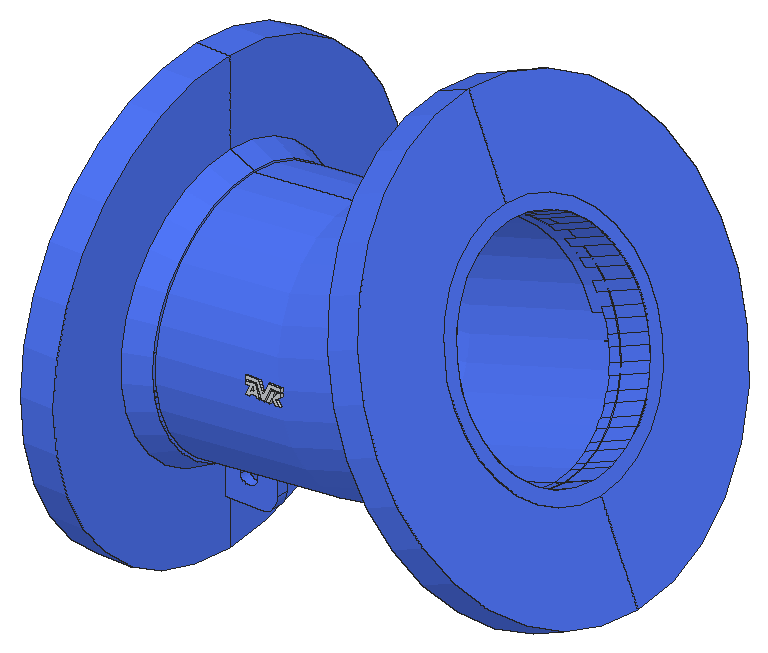
Revit family "712-0220-001-DN125", category Pipe Fittings, Revit 2019
Family settings
  Round Connector Dimension = Use Diameter
  Part Type = Elbow
  Work Plane-Based = No
  Always vertical = Yes
  Cut with Voids When Loaded = No
  Shared = No
Parameters (values of type "DN125_PN10/16")
  Rf_Dia = 92 mm
  RF_Thick = 3 mm
  L_Ref = 90 mm
  L = 105 mm  # constant formula
  ID(Radius) = [Nominal Diameter(DN)] / 2  # 62.5 mm
  Flange_thickness = 18.5 mm
  Nominal Diameter(DN) = 125 mm
  FOD = 125 mm
  URL product pages = "https://www.avkvalves.com/P.aspx?no=712004002201"
  Description_ = "AVK FLANGED BEND 22.5° W/LOOSE FLANGES"
  DN125_PN10/16 = yes
  DN 125_PN10/16 = "712-0125-02-201"
  Body_wallthickness = 15 mm + [Nominal Diameter(DN)]  # 140 mm
  A = 22.50°  # constant formula
Reference planes
  plane 1 "Center (Front/Back)": y = 0
  plane 2: z = 0
  plane 3 "Center (Left/Right)": x = 0
  plane 4: x = 105
  plane 5: through (100.964, -1524, 9.743) normal (0.9239, 0, 0.3827)
  plane 6: through (197.972, -1524, 49.925) normal (0.9239, 0, 0.3827)
  plane 7: through (105, -1524, 0) normal (-0.3827, 0, 0.9239)
  plane 8: z = -97.5
  plane 9: x = 48.5
  plane 10: z = -87.5
  plane 11: x = 38.5
Forms (mm)
  Sweep 1, solid, material "Plastic"
    path origin (0, 0, 0) x (1, 0, 0) y (0, 0, -1)
      loop
        line (0, 0) -> (25.435, 0)
        arc (25.435, 0) -> (103.471, -7.686) -> (178.508, -30.448) r 400
        line (178.508, -30.448) -> (202.007, -40.182)
    profile origin (12.718, 0, 0) x (0, 0, 1) y (0, -1, 0)
      loop
        circle (0, 0) r 62.5
      loop
        circle (0, 0) r 70
  Revolve 2, solid, material "Plastic"
    sketch origin (0, 0, 0) x (1, 0, 0) y (0, 0, -1)
      loop
        line (0, 62.5) -> (18.5, 62.5) -> (18.5, 125) -> (0, 125) -> (0, 62.5)
      axis (0, 0) -> (18.5, 0)
    angle from 0 to 360
  Revolve 3, solid, material "Plastic"
    sketch origin (0, 0, 0) x (1, 0, 0) y (0, 0, -1)
      loop
        line (225.925, 17.561) -> (249.843, 75.303) -> (232.751, 82.383) -> (208.833, 24.64) -> (225.925, 17.561)
      axis (202.007, -40.182) -> (184.916, -33.102)
    angle from 0 to 360
  Revolve 4, solid, material "Plastic"
    sketch origin (0, 0, 0) x (1, 0, 0) y (0, 0, 1)
      loop
        line (18.5, 62.5) -> (32.095, 62.5) -> (32.095, 71.161) -> (18.5, 77.5) -> (18.5, 62.5)
      axis (18.5, 0) -> (32.095, 0)
    angle from 0 to 360
  Revolve 5, solid, material "Plastic"
    sketch origin (0, 0, 0) x (1, 0, 0) y (0, 0, 1)
      loop
        line (160.998, 90.845) -> (155.258, 104.703) -> (144.651, 94.096) -> (148.195, 85.541) -> (160.998, 90.845)
      axis (172.112, 27.799) -> (184.916, 33.102)
    angle from 0 to 360
  Extrusion 6, solid, material "Plastic"
    sketch origin (0, 0, 0) x (1, 0, 0) y (0, 0, 1)
      loop
        line (18.5, -62.5) -> (18.5, -97.5) -> (38.5, -97.5)
        arc (38.5, -97.5) -> (45.571, -94.571) -> (48.5, -87.5) r 10
        line (48.5, -87.5) -> (48.5, -62.5) -> (18.5, -62.5)
      loop
        circle (32.15, -82.358) r 5
    from -2.922 to 2.922
Dimensions and locks
  "L": plane 4 to plane 3 "Center (Left/Right)"
  "L": plane 5 to plane 6
  "Flange_thickness": Revolve 2 sketch curve to plane 3 "Center (Left/Right)"
  "ID(Radius)": Revolve 3 sketch curve to plane 7
  "FOD": Revolve 3 sketch curve to plane 7
  "Flange_thickness": Revolve 3 sketch curve to Revolve 3 sketch curve
  locked: Revolve 4 sketch curve to level at 62.5
  locked: Revolve 4 sketch curve to level at 77.5
  locked: Revolve 4 sketch curve to Revolve 2 at 13.595
  locked: Revolve 4 sketch curve to level at 71.161
  locked: Revolve 3 to Revolve 5 sketch curve at 13.858
  locked: plane 7 to Revolve 5 sketch curve at 77.5
  locked: plane 7 to Revolve 5 sketch curve at 62.5
  locked: plane 7 to Revolve 5 sketch curve at 71.76
  locked: level to Extrusion 6 sketch curve at 62.5
  equal spacing: Extrusion 6, plane 1 "Center (Front/Back)", Extrusion 6
  locked: Extrusion 6 to Extrusion 6 at 5.843
  "ID(Radius)": radius of Sweep 1 sketch curve
  "Body_wallthickness": diameter of Sweep 1 sketch curve
  "A": angle plane 4 to plane 5
  aligned and locked: level to plane 2
  aligned and locked: plane 6 to Sweep 1 sketch curve
  aligned and locked: Sweep 1 sketch curve to plane 3 "Center (Left/Right)"
  aligned and locked: Revolve 2 sketch curve to Sweep 1  (x2)
  aligned and locked: Revolve 3 sketch curve to Sweep 1
  aligned and locked: plane 6 to Revolve 3 sketch curve
  aligned and locked: Revolve 3 sketch curve to plane 7
  aligned and locked: plane 3 "Center (Left/Right)" to Revolve 2
  aligned and locked: Revolve 4 sketch curve to plane 2
  aligned and locked: plane 7 to Revolve 5 sketch curve
  aligned and locked: Revolve 2 to Extrusion 6 sketch curve
  aligned and locked: plane 10 to Extrusion 6 sketch curve
  aligned and locked: plane 9 to Extrusion 6 sketch curve
  aligned and locked: plane 8 to Extrusion 6 sketch curve
  aligned and locked: plane 11 to Extrusion 6 sketch curve
Automatic sketch dimensions
  Sweep 1 sketch curve to plane 7 = 0 mm  (x2)
  Sweep 1 sketch curve to plane 3 "Center (Left/Right)" = 25.435 mm
  Sweep 1 sketch curve to Sweep 1 sketch curve = 23.499 mm
  Sweep 1 sketch curve to Sweep 1 sketch curve = 369.552 mm
  Revolve 4 sketch curve to Revolve 4 sketch curve = 13.595 mm
  plane 3 "Center (Left/Right)" to Revolve 4 sketch curve = 8.5 mm
  Revolve 4 sketch curve to Revolve 4 sketch curve = 23.595 mm
  Revolve 5 sketch curve to Revolve 5 sketch curve = 3.544 mm
  Revolve 5 sketch curve to Revolve 5 sketch curve = 10.607 mm
  level to Revolve 5 sketch curve = 27.799 mm
  level to Revolve 5 sketch curve = 37.366 mm
  Extrusion 6 sketch curve to Extrusion 6 sketch curve = 6.35 mm
  Extrusion 6 sketch curve to Extrusion 6 sketch curve = 5.142 mm
  Sweep 1 sketch curve to Sweep 1 sketch curve = 0 mm  (x2)
  Sweep 1 sketch curve to plane 1 "Center (Front/Back)" = 0 mm
  profile plane to Sweep 1 sketch curve = 0 mm
  Revolve 2 sketch curve to level = 0 mm
  level to Revolve 2 sketch curve = 62.5 mm
  Revolve 2 sketch curve to Revolve 2 sketch curve = 62.5 mm
  Revolve 2 sketch curve to plane 3 "Center (Left/Right)" = 30 mm
  Revolve 3 sketch curve to level = 24.874 mm
  radius of Extrusion 6 sketch curve = 5 mm
Nested families
  nested 1: "Latest New" at (94.523, -69.984, 7.529) x (1, -0.0037, 0.0001) z (-0.0037, -0.9998, 0.021), type "Latest New"
Connectors
  piping at (202.007, 0, 40.182), diameter 125, driven by "Nominal Diameter(DN)"
    settings: on Revolve 3, index 1, connector inside diameter 609.6 mm, connector length 0 mm, flow factor 0, pipe flow 0.0 L/s, pressure drop 0.0 Pa, fitting loss kfactor 0, connector angle 0.00°, fixture units 0, engagement length 0 mm, angle of deflection 0.00°, flow configuration 0, flow direction 0, fitting loss method 0, system type 7, joint type 0, gender type 0, connector reference index -1, connector utility 0, adjustable connector no, is connector primary yes, connector description ""
  piping at (0, 0, 0), diameter 125, driven by "Nominal Diameter(DN)"
    settings: on Revolve 2, index 2, connector inside diameter 609.6 mm, connector length 0 mm, flow factor 0, pipe flow 0.0 L/s, pressure drop 0.0 Pa, fitting loss kfactor 0, connector angle 0.00°, fixture units 0, engagement length 0 mm, angle of deflection 0.00°, flow configuration 0, flow direction 0, fitting loss method 0, system type 7, joint type 0, gender type 0, connector reference index -1, connector utility 0, adjustable connector no, is connector primary no, connector description ""
Definition of nested family "Latest New"
  Parameters
    Default Elevation = 1219.2 mm
  Reference planes
    plane 1 "Center (Front/Back)": y = 0
    plane 2: z = 0
    plane 3 "Center (Left/Right)": x = 0
  Forms (mm)
    Extrusion 1, solid
      sketch origin (0, 0, 0) x (1, 0, 0) y (0, 1, 0)
        loop
          line (-1219.2, 1219.2) -> (-1219.2, -1219.2) -> (1219.2, -1219.2) -> (1219.2, 1219.2) -> (-1219.2, 1219.2)
      from 0 to -304.8
    Extrusion 2, solid
      sketch origin (0, 0, 0) x (1, 0, 0) y (0, 1, 0)
        loop
          line (-2.683, 9.413) -> (-9.884, 9.413) -> (-9.884, 7.46) -> (-4.022, 7.46) -> (-0.985, 0) -> (0.985, 0) -> (4.022, 7.46) -> (9.884, 7.46) -> (9.884, 9.413) -> (2.683, 9.413) -> (0, 2.824) -> (-2.683, 9.413)
        loop
          line (-4.528, 6.707) -> (-9.884, 6.707) -> (-9.884, 4.824) -> (-8.032, 4.824) -> (-9.884, 0) -> (-7.792, 0) -> (-7.394, 1.035) -> (-4.328, 1.035) -> (-3.907, 0) -> (-1.798, 0) -> (-4.528, 6.707)
        loop
          line (-6.91, 2.824) -> (-5.056, 2.824) -> (-6.01, 5.167) -> (-6.91, 2.824)
        loop
          line (1.798, 0) -> (3.907, 0) -> (4.98, 2.637) -> (6.968, 0) -> (9.413, 0) -> (7.166, 2.983)
          arc (7.166, 2.983) -> (8.216, 3.774) -> (9.007, 4.824) r 4.724
          line (9.007, 4.824) -> (9.884, 4.824) -> (9.884, 6.707) -> (8.001, 6.707)
          arc (8.001, 6.707) -> (7.315, 5.008) -> (5.642, 4.261) r 2.448
          line (5.642, 4.261) -> (6.637, 6.707) -> (4.528, 6.707) -> (1.798, 0)
      from 0 to 1
  Dimensions and locks
    aligned and locked: plane 2 to Extrusion 1
    aligned and locked: level to Extrusion 1
    aligned and locked: Extrusion 2 sketch curve to import instance  (x30)
